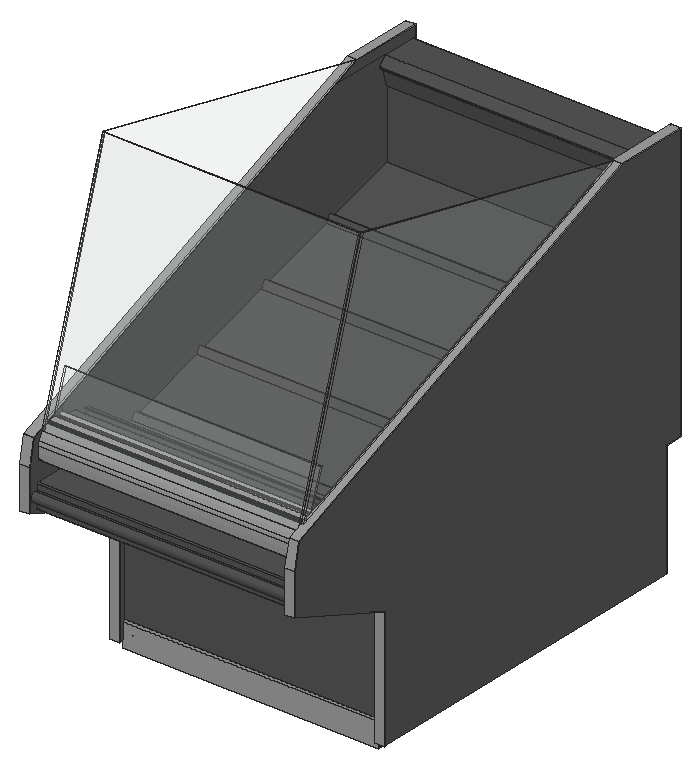
Revit family "DSF-AG_2014", category Specialty Equipment, Revit 2014
Parameters (values of type "2'-0" Length")
  Width = 30"
  Waste Drain = 1 1/2"  # constant formula
  URL = "www.hussmann.com"
  Type Comments = "Service / Self Service Seafood"  # constant formula
  Trim = Stainless Steel
  Total Weight = Case Weight + (2 * End Weight)  # 0.00 lbf
  Splashguard = Stainless Steel
  Side Panel - Right [instance] = yes
  Side Panel - Left [instance] = yes
  Shelves = Sheet Metal (Steel Painted) - 701 Black
  Right Drain Location from CL = if(Width = 30", 2", if(Width = 36", 0", 6 1/8"))  # 2"
  Revit Family Date = "08/17/2015"  # constant formula
  Refrigeration Lines Suction = 5/8"  # constant formula
  Refrigeration Lines Liquid = 3/8"  # constant formula
  Refrig. Suction = "Suction"
  Refrig. Liquid = "Liquid"
  Number of Supports = 2  # constant formula
  Note from Manufacturer = "This model only comes in 2'-0\", 3'-0\", 4'-0\", and 5'-0\" lengths."
  Model URL = "http://www.hussmann.com/en/product%20viewer/display-cases/DSF,%20DSFI"
  Model = "DSF"  # constant formula
  Manufacturer Disclaimer = "The information in this file is not intended to be an exact representation of the corresponding Hussmann product.  Further, we reserve the right to change or revise specifications and product design in connection with any feature of our products. Such changes do not entitle the buyer to corresponding changes, improvements, additions, or replacements for equipment previously sold or shipped."  # constant formula
  Manufacturer = "Hussmann Corporation"  # constant formula
  Light [instance] = no
  Height = 45 5/8"  # constant formula
  Glazing = Glass
  Ends = Textured Sheet Metal (Steel Painted) - 701 Black
  End Weight = 0.00 lbf  # constant formula
  Door Frame = Stainless Steel
  Description = "Medium Depth Service Merchandiser for Fresh Seafood Applications"  # constant formula
  Depth = 55 7/8"  # constant formula
  Cutsheet URL = "http://www.hussmann.com/en/Technical%20Documents/DSF_102013_En.pdf"
  Close Off Panel = Textured Sheet Metal (Steel Painted) - 701 Black
  Case Weight = 0.00 lbf
  Case Interior - Side Panel = Sheet Metal (Steel Painted) - 701 Black
  Case Interior - Back Panel = Sheet Metal (Steel Painted) - 701 Black
  Case = Textured Sheet Metal (Steel Painted) - 701 Black
  Bumper = Extruded PVC - 701 Black
  Assembly Code = ""
  Accessories/Options = ""
Types (4): name | Width | Right Drain Location from CL | Refrig. Suction | Refrig. Liquid
  3'-0" Length | 36" | 0" | "" | ""
  5'-0" Length | 60" | 6 1/8" | "Suction" | "Liquid"
  4'-0" Length | 48" | 6 1/8" | "Suction" | "Liquid"
  2'-0" Length | 30" | 2" | "Suction" | "Liquid"
Reference planes (in)
  plane 1 "Back": y = 0
  plane 2 "Bottom": z = 0
  plane 3 "Top": z = 45.625
  plane 4 "Left": x = -77.30699
  plane 5 "Front": y = -55.875
  plane 6 "Center (Left/Right)": x = -62.30699
  plane 7: x = -78.43199
  plane 8 "Right": x = -47.30699
  plane 9: x = -46.18199
  plane 10: y = -41.23412
Forms (in)
  Extrusion 1, solid, material "Metal - Copper"
    sketch origin (63.3125, 1.04319, 0) x (1, 0, 0) y (0, 1, 0)
      loop
        circle (-123.61949, -25.79319) r 0.625
      loop
        arc (-123.61949, -26.37839) -> (-123.20569, -26.20699) -> (-123.03429, -25.79319) r 0.5852
        arc (-123.03429, -25.79319) -> (-123.20569, -25.37939) -> (-123.61949, -25.20799) r 0.5852
        arc (-123.61949, -25.20799) -> (-124.03329, -25.37939) -> (-124.20469, -25.79319) r 0.5852
        arc (-124.20469, -25.79319) -> (-124.03329, -26.20699) -> (-123.61949, -26.37839) r 0.5852
    from 14.6845 to 0
  Extrusion 2, solid, material "Metal - Copper"
    sketch origin (-63.6875, 1.04319, 0) x (1, 0, 0) y (0, 1, 0)
      loop
        circle (-8.49449, -25.79319) r 0.625
      loop
        arc (-8.49449, -26.37839) -> (-8.08069, -26.20699) -> (-7.90929, -25.79319) r 0.5852
        arc (-7.90929, -25.79319) -> (-8.08069, -25.37939) -> (-8.49449, -25.20799) r 0.5852
        arc (-8.49449, -25.20799) -> (-8.90829, -25.37939) -> (-9.07969, -25.79319) r 0.5852
        arc (-9.07969, -25.79319) -> (-8.90829, -26.20699) -> (-8.49449, -26.37839) r 0.5852
    from 14.6845 to 0
  Extrusion 3, solid, material "Textured Sheet Metal (Steel Painted) - 701 Black" <- "Case"
    sketch origin (-62.30699, 0, 0) x (0, 1, 0) y (0, 0, 1)
      loop
        arc (-4.83381, 44.65319) -> (-4.84545, 44.62735) -> (-4.83705, 44.60028) r 0.04
        line (-4.83705, 44.60028) -> (-4.63528, 44.34203) -> (-4.40137, 44.43177) -> (-3.8611, 42.41551) -> (-3.71075, 42.45579) -> (-3.71075, 31.84576) -> (-1.664, 31.84576) -> (-1.664, 17.65463) -> (-23.01848, 17.22162) -> (-23.01848, 16.77724) -> (-26.95598, 16.77724) -> (-26.95598, 17.23414) -> (-41.48302, 17.74647) -> (-49.4473, 21.1271)
        arc (-49.4473, 21.1271) -> (-49.46059, 21.13816) -> (-49.46558, 21.15472) r 0.03
        line (-49.46558, 21.15472) -> (-49.46558, 27.03985) -> (-49.40419, 27.03375) -> (-49.38226, 27.28432) -> (-49.38226, 28.14614)
        arc (-49.38226, 28.14614) -> (-49.3971, 28.18748) -> (-49.43484, 28.20995) r 0.065
        line (-49.43484, 28.20995) -> (-51.24815, 28.56307) -> (-51.24815, 24.17402) -> (-51.31227, 24.17402) -> (-51.31227, 23) -> (-54.8155, 23)
        arc (-54.8155, 23) -> (-54.93783, 22.94933) -> (-54.9885, 22.827) r 0.173
        line (-54.9885, 22.827) -> (-54.9885, 20.2589)
        arc (-54.9885, 20.2589) -> (-54.98127, 20.23596) -> (-54.96218, 20.22131) r 0.04
        line (-54.96218, 20.22131) -> (-52.47331, 19.31544) -> (-52.41455, 19.47688) -> (-41.12442, 14.6845) -> (-1.535, 14.6845) -> (-1.535, 16.1845) -> (-0.035, 16.1845) -> (-0.035, 14.5595) -> (-0.535, 14.5595) -> (-0.535, 14.5245) -> (-0.035, 14.5245)
        arc (-0.035, 14.5245) -> (-0.01025, 14.53475) -> (0, 14.5595) r 0.035
        line (0, 14.5595) -> (0, 41.5577) -> (0.12, 41.5577) -> (0.12, 45.51063)
        arc (0.12, 45.51063) -> (0.10828, 45.53891) -> (0.08, 45.55063) r 0.04
        line (0.08, 45.55063) -> (-3.93623, 45.55063) -> (-4.83381, 44.65319)
    from 15 to -15
  Extrusion 4, solid, material "Sheet Metal (Steel Painted) - 701 Black" <- "Shelves"
    sketch origin (-62.30699, 0, 0) x (0, 1, 0) y (0, 0, 1)
      loop
        line (-3.71075, 34.24593) -> (-11.37735, 32.04757) -> (-12.17325, 32.48875) -> (-12.61443, 31.69284) -> (-20.90531, 29.31547) -> (-21.70122, 29.75665) -> (-22.14239, 28.96074) -> (-30.43328, 26.58337) -> (-31.22918, 27.02455) -> (-31.67036, 26.22864) -> (-39.96124, 23.85127) -> (-40.75714, 24.29245) -> (-41.19832, 23.49654) -> (-43.99815, 22.6937) -> (-46.94421, 24.39461)
        arc (-46.94421, 24.39461) -> (-46.9635, 24.40261) -> (-46.98421, 24.40533) r 0.08
        line (-46.98421, 24.40533) -> (-47.72215, 24.40533) -> (-47.72215, 27.8125) -> (-48.07156, 27.89699) -> (-48.08284, 27.85034) -> (-47.77015, 27.77472) -> (-47.77015, 24.34277) -> (-49.46558, 24.34277) -> (-49.46558, 24.15527) -> (-46.90465, 24.15527) -> (-44.02297, 22.49153) -> (-3.71075, 34.05087) -> (-3.71075, 34.24593)
    from 15 to -15
  Extrusion 5, solid, material "Stainless Steel" <- "Door Frame"
    sketch origin (-62.30699, 0, 0) x (0, 1, 0) y (0, 0, 1)
      loop
        arc (-54.27971, 28.0768) -> (-54.54483, 27.67871) -> (-54.74164, 27.24278) r 2.92923
        arc (-54.74164, 27.24278) -> (-54.80893, 26.99713) -> (-54.83876, 26.74418) r 1.7
        arc (-54.83876, 26.74418) -> (-54.83124, 26.00798) -> (-54.74644, 25.27664) r 7
        arc (-54.74644, 25.27664) -> (-54.73588, 25.25814) -> (-54.71588, 25.25082) r 0.031
        line (-54.71588, 25.25082) -> (-51.24815, 25.25082) -> (-51.24815, 28.3709) -> (-51.30565, 28.3709) -> (-51.30565, 28.8335) -> (-51.34502, 28.8335)
        arc (-51.34502, 28.8335) -> (-51.33489, 28.8539) -> (-51.34142, 28.87573) r 0.03104
        arc (-51.34142, 28.87573) -> (-51.67966, 28.9398) -> (-52.01791, 28.87573) r 0.92486
        arc (-52.01791, 28.87573) -> (-52.02444, 28.8539) -> (-52.01431, 28.8335) r 0.03104
        line (-52.01431, 28.8335) -> (-52.09459, 28.8335) -> (-52.13242, 28.72362) -> (-52.13242, 28.14452)
        arc (-52.13242, 28.14452) -> (-52.13819, 28.1306) -> (-52.15211, 28.12484) r 0.01969
        line (-52.15211, 28.12484) -> (-52.61155, 28.12484)
        arc (-52.61155, 28.12484) -> (-52.67229, 28.16542) -> (-52.65804, 28.23707) r 0.06575
        arc (-52.65804, 28.23707) -> (-52.58365, 28.44728) -> (-52.70028, 28.63733) r 0.25886
        arc (-52.70028, 28.63733) -> (-52.71809, 28.66695) -> (-52.70566, 28.69921) r 0.03937
        arc (-52.70566, 28.69921) -> (-52.62057, 28.74055) -> (-52.52704, 28.75476) r 0.31496
        line (-52.52704, 28.75476) -> (-52.47346, 28.75476)
        arc (-52.47346, 28.75476) -> (-52.45828, 28.75962) -> (-52.44874, 28.7724) r 0.02615
        line (-52.44874, 28.7724) -> (-52.436, 28.80939)
        arc (-52.436, 28.80939) -> (-52.43839, 28.82587) -> (-52.4532, 28.8335) r 0.01819
        line (-52.4532, 28.8335) -> (-53.30118, 28.8335)
        arc (-53.30118, 28.8335) -> (-53.32001, 28.82975) -> (-53.33597, 28.81908) r 0.04921
        line (-53.33597, 28.81908) -> (-53.39753, 28.75752)
        arc (-53.39753, 28.75752) -> (-53.4082, 28.74156) -> (-53.41195, 28.72273) r 0.04921
        line (-53.41195, 28.72273) -> (-53.41195, 28.68586) -> (-53.53006, 28.68586)
        arc (-53.53006, 28.68586) -> (-53.61116, 28.67192) -> (-53.68295, 28.6317) r 0.24288
        line (-53.68295, 28.6317) -> (-54.26327, 26.84564) -> (-54.56282, 26.94297) -> (-54.24042, 27.93081) -> (-54.20032, 28.05423)
        arc (-54.20032, 28.05423) -> (-54.20275, 28.07365) -> (-54.21923, 28.0842) r 0.02304
        line (-54.21923, 28.0842) -> (-54.25112, 28.0884)
        arc (-54.25112, 28.0884) -> (-54.26695, 28.08638) -> (-54.27971, 28.0768) r 0.03125
    from 15 to -15
  Extrusion 6, solid, material "Extruded PVC - 701 Black" <- "Bumper"
    sketch origin (-62.30699, 0, 0) x (0, 1, 0) y (0, 0, 1)
      loop
        arc (-55.3635, 22.25013) -> (-55.926, 21.68763) -> (-55.3635, 21.12513) r 0.5625
        line (-55.3635, 21.12513) -> (-54.9885, 21.12513) -> (-54.9885, 22.25013) -> (-55.3635, 22.25013)
    from 15 to -15
  Extrusion 7, solid, material "Textured Sheet Metal (Steel Painted) - 701 Black" <- "Close Off Panel"
    sketch origin (-62.30699, 0, -0.03125) x (0, 1, 0) y (0, 0, 1)
      loop
        line (-1.90759, 13.89928) -> (-1.92951, 14.14985) -> (-1.96438, 14.1468) -> (-1.94259, 13.89775) -> (-1.94259, 3.16349) -> (-1.90759, 3.16349) -> (-1.90759, 13.89928)
      loop
        line (-42.21942, 15.18055) -> (-42.21942, 0.86215) -> (-42.18442, 0.86215) -> (-42.18442, 15.16569) -> (-42.21942, 15.18055)
    from 15 to -15
  Extrusion 8, solid, material "Stainless Steel" <- "Splashguard"
    sketch origin (-62.30699, 0, -0.03125) x (0, 1, 0) y (0, 0, 1)
      loop
        line (-42.3003, 2.81625) -> (-42.3003, 0.03125) -> (-41.7653, 0.03125) -> (-41.7653, 0.06625) -> (-42.2653, 0.06625) -> (-42.2653, 2.81625) -> (-42.22346, 3.12587) -> (-42.25765, 3.13054) -> (-42.3003, 2.81625)
      loop
        line (-1.95357, 0.50112) -> (-1.6158, 0.09858) -> (-1.23395, 0.03125) -> (-1.22787, 0.06572) -> (-1.59718, 0.13084) -> (-1.91857, 0.51386) -> (-1.91857, 2.88864) -> (-1.94049, 3.14096) -> (-1.97536, 3.13791) -> (-1.95357, 2.88886) -> (-1.95357, 0.50112)
    from 15 to -15
  Extrusion 9, solid, material "Textured Sheet Metal (Steel Painted) - 701 Black" <- "Ends", visible <- "Side Panel - Right"
    sketch origin (-47.30699, 0, 0) x (0, 0, 1) y (0, -1, 0)
      loop
        line (14.37303, -0.54843) -> (46.74598, -0.54843) -> (46.74598, 7.99475) -> (27.85139, 55.41005)
        arc (27.85139, 55.41005) -> (26.43234, 55.74856) -> (25.00258, 56.03853) r 42.8148
        line (25.00258, 56.03853) -> (20.14202, 56.03853) -> (14.95336, 42.8003) -> (0.83628, 42.8003) -> (0.83628, 1.54444) -> (14.37303, 1.54444) -> (14.37303, -0.54843)
    from 1.125 to 0
  Extrusion 10, solid, material "Textured Sheet Metal (Steel Painted) - 701 Black" <- "Ends", visible <- "Side Panel - Left"
    sketch origin (-77.30699, 0, 0) x (0, 1, 0) y (0, 0, 1)
      loop
        line (0.54843, 46.74598) -> (-7.99475, 46.74598) -> (-55.41005, 27.85139)
        arc (-55.41005, 27.85139) -> (-55.74856, 26.43234) -> (-56.03853, 25.00258) r 42.8148
        line (-56.03853, 25.00258) -> (-56.03853, 20.14202) -> (-42.8003, 14.95336) -> (-42.8003, 0.83628) -> (-1.54444, 0.83628) -> (-1.54444, 14.37303) -> (0.54843, 14.37303) -> (0.54843, 46.74598)
    from 0 to -1.125
  Extrusion 11, solid, material "Glass" <- "Glazing"
    sketch origin (-62.30699, 0, -0.03125) x (0, 1, 0) y (0, 0, 1)
      loop
        line (-45.2329, 55.56114) -> (-54.50341, 27.02943) -> (-54.48319, 26.98974) -> (-54.30533, 26.93195) -> (-54.26565, 26.95218) -> (-44.99513, 55.48389) -> (-45.2329, 55.56114)
      loop
        line (-52.58841, 28.27709) -> (-52.564, 28.22704) -> (-52.4151, 28.17577) -> (-52.36506, 28.20018) -> (-50.59622, 33.33725) -> (-50.81957, 33.41415) -> (-52.58841, 28.27709)
    from 15 to -15
  Extrusion 12, solid, material "Glass" <- "Glazing", visible <- "Side Panel - Right"
    sketch origin (-47.30699, 0, -0.03125) x (0, 0, 1) y (0, -1, 0)
      loop
        line (55.48389, 44.85017) -> (28.61125, 53.58162) -> (46.77723, 7.99475) -> (55.48389, 44.85017)
    from 0.25 to 0
  Extrusion 13, solid, material "Glass" <- "Glazing", visible <- "Side Panel - Left"
    sketch origin (-77.30699, 0, 0) x (0, 1, 0) y (0, 0, 1)
      loop
        line (-7.99475, 46.74598) -> (-44.85017, 55.45264) -> (-53.58162, 28.58) -> (-7.99475, 46.74598)
    from 0 to -0.25
  Extrusion 14, solid, material "Textured Sheet Metal (Steel Painted) - 701 Black" <- "Case", visible <- "Light"
    sketch origin (-62.30699, 0, 0) x (0, 1, 0) y (0, 0, 1)
      loop
        line (-50.7523, 18.07011) -> (-50.8003, 18.08892) -> (-50.8003, 15.1493) -> (-50.42133, 15.1493) -> (-50.42133, 15.31702) -> (-50.46821, 15.31702) -> (-50.46821, 15.19617) -> (-50.7523, 15.19617) -> (-50.7523, 18.07011)
    from 15 to -15
  Sweep 15, solid, material "Stainless Steel"
    path origin (0, 0, 0) x (1, 0, 0) y (0, 1, 0)
      loop
        line (-47.30699, -41.23412) -> (-77.30699, -41.23412)
    profile origin (-62.30699, -41.23412, 0) x (0, -1, 0) y (0, 0, 1)
      loop
        line (-0.891, 0.766) -> (-0.0785, 0.766)
        arc (-0.0785, 0.766) -> (-0.02299, 0.78899) -> (0, 0.8445) r 0.0785
        line (0, 0.8445) -> (0, 1.657) -> (-0.0785, 1.657) -> (-0.0785, 0.8445) -> (-0.891, 0.8445)
        arc (-0.891, 0.8445) -> (-0.94651, 0.82151) -> (-0.9695, 0.766) r 0.0785
        line (-0.9695, 0.766) -> (-0.9695, 0.0785) -> (-2.657, 0.0785) -> (-2.657, 0.766)
        arc (-2.657, 0.766) -> (-2.67999, 0.82151) -> (-2.7355, 0.8445) r 0.0785
        line (-2.7355, 0.8445) -> (-3.4855, 0.8445) -> (-3.4855, 0.766) -> (-2.7355, 0.766) -> (-2.7355, 0.0785)
        arc (-2.7355, 0.0785) -> (-2.71251, 0.02299) -> (-2.657, 0) r 0.0785
        line (-2.657, 0) -> (-0.9695, 0)
        arc (-0.9695, 0) -> (-0.91399, 0.02299) -> (-0.891, 0.0785) r 0.0785
        line (-0.891, 0.0785) -> (-0.891, 0.766)
  Sweep 16, solid, material "Stainless Steel"
    path origin (-124.61397, 0, 0) x (-1, 0, 0) y (0, 1, 0)
      loop
        line (-77.30699, -1.95376) -> (-47.30699, -1.95376)
    profile origin (-62.30699, -1.95376, 0) x (0, -1, 0) y (0, 0, 1)
      loop
        line (0.891, 0.766) -> (0.891, 0.0785)
        arc (0.891, 0.0785) -> (0.91399, 0.02299) -> (0.9695, 0) r 0.0785
        line (0.9695, 0) -> (2.657, 0)
        arc (2.657, 0) -> (2.71251, 0.02299) -> (2.7355, 0.0785) r 0.0785
        line (2.7355, 0.0785) -> (2.7355, 0.766) -> (3.4855, 0.766) -> (3.4855, 0.8445) -> (2.7355, 0.8445)
        arc (2.7355, 0.8445) -> (2.67999, 0.82151) -> (2.657, 0.766) r 0.0785
        line (2.657, 0.766) -> (2.657, 0.0785) -> (0.9695, 0.0785) -> (0.9695, 0.766)
        arc (0.9695, 0.766) -> (0.94651, 0.82151) -> (0.891, 0.8445) r 0.0785
        line (0.891, 0.8445) -> (0.0785, 0.8445) -> (0.0785, 1.657) -> (0, 1.657) -> (0, 0.8445)
        arc (0, 0.8445) -> (0.02299, 0.78899) -> (0.0785, 0.766) r 0.0785
        line (0.0785, 0.766) -> (0.891, 0.766)
  Extrusion 17, solid, material "Metal - Copper"
    sketch origin (61.07608, 5, -0.375) x (1, 0, 0) y (0, 1, 0)
      loop
        circle (-114.82057, -25.25) r 0.1875
      loop
        circle (-114.82057, -25.25) r 0.17284
    from 15.0595 to 0.375
  Extrusion 18, solid, material "Metal - Copper"
    sketch origin (60.87749, 5, -0.375) x (1, 0, 0) y (0, 1, 0)
      loop
        circle (-116.24698, -25.25) r 0.4375
      loop
        circle (-116.24698, -25.25) r 0.41359
    from 15.0595 to 0.375
  Sweep 19, solid, material "Stainless Steel" <- "Trim", visible <- "Side Panel - Left"
    path origin (-77.30699, 0, 0) x (0, 1, 0) y (0, 0, 1)
      loop
        line (-1.54444, 0.83628) -> (-1.54444, 14.37303) -> (0.54843, 14.37303) -> (0.54843, 46.74598) -> (-7.99475, 46.74598) -> (-55.41005, 27.85139)
        arc (-55.41005, 27.85139) -> (-55.74856, 26.43234) -> (-56.03853, 25.00258) r 42.8148
        line (-56.03853, 25.00258) -> (-56.03853, 20.14202) -> (-42.8003, 14.95336) -> (-42.8003, 0.83628)
    profile origin (-77.30699, -1.54444, 7.60466) x (0, -1, 0) y (1, 0, 0)
      loop
        line (0, 0) -> (-0.03125, 0) -> (-0.03125, -1.125) -> (0, -1.125) -> (0, 0)
  Sweep 20, solid, material "Stainless Steel" <- "Trim", visible <- "Side Panel - Right"
    path origin (-47.30699, 0, 0) x (0, 0, 1) y (0, -1, 0)
      loop
        line (0.83628, 1.54444) -> (14.37303, 1.54444) -> (14.37303, -0.54843) -> (46.74598, -0.54843) -> (46.74598, 7.99475) -> (27.85139, 55.41005)
        arc (27.85139, 55.41005) -> (26.43234, 55.74856) -> (25.00258, 56.03853) r 42.8148
        line (25.00258, 56.03853) -> (20.14202, 56.03853) -> (14.95336, 42.8003) -> (0.83628, 42.8003)
    profile origin (-47.30699, -1.54444, 7.60466) x (0, -1, 0) y (1, 0, 0)
      loop
        line (0, 0) -> (0, 1.125) -> (-0.03125, 1.125) -> (-0.03125, 0) -> (0, 0)
  Extrusion 21, solid, material "Sheet Metal (Steel Painted) - 701 Black" <- "Case Interior - Side Panel", visible <- "Side Panel - Left"
    sketch origin (-77.30699, 0, 0) x (0, 1, 0) y (0, 0, 1)
      loop
        line (-44.02297, 22.49153) -> (-3.71075, 34.05087) -> (-3.71075, 42.45579) -> (-3.8611, 42.41551) -> (-4.40137, 44.43177) -> (-4.63528, 44.34203) -> (-4.83705, 44.60028)
        arc (-4.83705, 44.60028) -> (-4.84545, 44.62735) -> (-4.83381, 44.65319) r 0.04
        line (-4.83381, 44.65319) -> (-3.93623, 45.55063) -> (-10.99445, 45.55063) -> (-51.24815, 29.50987) -> (-51.24815, 24.15527) -> (-46.90465, 24.15527) -> (-44.02297, 22.49153)
    from 0.03125 to 0
  Extrusion 22, solid, material "Sheet Metal (Steel Painted) - 701 Black" <- "Case Interior - Side Panel", visible <- "Side Panel - Right"
    sketch origin (-47.30699, 0, 0) x (0, 0, 1) y (0, -1, 0)
      loop
        line (22.49153, 44.02297) -> (34.05087, 3.71075) -> (42.45579, 3.71075) -> (42.41551, 3.8611) -> (44.43177, 4.40137) -> (44.34203, 4.63528) -> (44.60028, 4.83705)
        arc (44.60028, 4.83705) -> (44.62735, 4.84545) -> (44.65319, 4.83381) r 0.04
        line (44.65319, 4.83381) -> (45.55063, 3.93623) -> (45.55063, 10.99445) -> (29.50987, 51.24815) -> (24.15527, 51.24815) -> (24.15527, 46.90465) -> (22.49153, 44.02297)
    from 0 to -0.03125
  Extrusion 23, solid, material "Sheet Metal (Steel Painted) - 701 Black" <- "Case Interior - Back Panel"
    sketch origin (-62.30699, 0, 0) x (0, 1, 0) y (0, 0, 1)
      loop
        line (-3.71075, 34.24593) -> (-3.71075, 42.45579) -> (-3.8611, 42.41551) -> (-4.40137, 44.43177) -> (-4.43155, 44.42368) -> (-3.88319, 42.37724) -> (-3.742, 42.41507) -> (-3.742, 34.23697) -> (-3.71075, 34.24593)
    from 15 to -15
Lines and regions (in)
  reference lines
    curve 1: line (-72.18199, -55.875, 0) -> (-72.18199, 0, 0)
    curve 2: line (-60.30699, -55.875, 0) -> (-60.30699, 0, 0)
    curve 3: line (-54.43199, -55.875, 0) -> (-54.43199, 0, 0)
    curve 4: line (-77.30699, -24.75, 0) -> (-47.30699, -24.75, 0)
    curve 5: line (-47.30699, -20.25, 0) -> (-77.30699, -20.25, 0)
Dimensions and locks (in)
  equal spacing: plane 4 "Left", plane 6 "Center (Left/Right)", plane 8 "Right"
  locked: plane 7 to plane 4 "Left" at 1.125
  "Width": plane 4 "Left" to plane 8 "Right"
  locked: plane 4 "Left" to curve 1 at 5.125
  "Right Drain Location from CL": plane 6 "Center (Left/Right)" to curve 2
  "Depth": plane 5 "Front" to plane 1 "Back"
  locked: curve 3 to plane 8 "Right" at 7.125
  "Height": plane 3 "Top" to level
  locked: curve 4 to plane 5 "Front" at 31.125
  locked: curve 5 to plane 5 "Front" at 35.625
  locked: plane 8 "Right" to plane 9 at 1.125
  equal spacing: Extrusion 10, Extrusion 14 sketch curve, plane 5 "Front"
  locked: Extrusion 18 sketch curve to curve 3 at 0.52391
  locked: curve 3 to Extrusion 17 sketch curve at 0.51466
  nested 1 to plane 5 "Front" = 9"
  nested 1 to level = 17"
  radius of Extrusion 1 sketch curve = 0.5852"
  aligned and locked: plane 5 "Front" to curve 2
  aligned and locked: plane 5 "Front" to curve 1
  aligned and locked: plane 4 "Left" to curve 4
  aligned and locked: plane 4 "Left" to curve 5
  aligned and locked: plane 8 "Right" to curve 5
  aligned and locked: plane 8 "Right" to curve 4
  aligned and locked: curve 4 to Extrusion 1 sketch curve  (x2)
  aligned and locked: curve 4 to Extrusion 2 sketch curve  (x2)
  aligned and locked: curve 1 to Extrusion 2 sketch curve  (x2)
  aligned and locked: curve 2 to Extrusion 1 sketch curve  (x2)
  aligned and locked: Extrusion 2 to level
  aligned and locked: Extrusion 1 to level
  aligned and locked: Extrusion 3 to plane 4 "Left"
  aligned and locked: plane 8 "Right" to Extrusion 3
  aligned and locked: Extrusion 4 to plane 4 "Left"
  aligned and locked: plane 8 "Right" to Extrusion 4
  aligned and locked: Extrusion 5 to plane 4 "Left"
  aligned and locked: plane 8 "Right" to Extrusion 5
  aligned and locked: Extrusion 6 to plane 4 "Left"
  aligned and locked: plane 8 "Right" to Extrusion 6
  aligned and locked: Extrusion 1 to Extrusion 2
  aligned and locked: Extrusion 7 to plane 4 "Left"
  aligned and locked: plane 8 "Right" to Extrusion 7
  aligned and locked: Extrusion 8 to plane 4 "Left"
  aligned and locked: plane 8 "Right" to Extrusion 8
  aligned and locked: plane 9 to Extrusion 9
  aligned and locked: Extrusion 9 to plane 8 "Right"
  aligned and locked: plane 7 to Extrusion 10
  aligned and locked: plane 4 "Left" to Extrusion 10
  aligned and locked: Extrusion 11 to plane 4 "Left"
  aligned and locked: plane 8 "Right" to Extrusion 11
  aligned and locked: Extrusion 12 to plane 8 "Right"
  aligned and locked: Extrusion 14 to plane 4 "Left"
  aligned and locked: plane 8 "Right" to Extrusion 14
  aligned and locked: plane 4 "Left" to nested 1
  aligned and locked: Sweep 19 sketch curve to plane 7
  aligned and locked: Sweep 19 sketch curve to plane 4 "Left"
  aligned and locked: profile plane to Sweep 20 sketch curve
  aligned and locked: Sweep 20 sketch curve to plane 9
  aligned and locked: Extrusion 21 to plane 4 "Left"
  aligned and locked: Extrusion 23 to plane 4 "Left"
  aligned and locked: plane 8 "Right" to Extrusion 23
  aligned and locked: Sweep 15 sketch curve to plane 10
  aligned and locked: plane 4 "Left" to Sweep 16 sketch curve
  aligned and locked: plane 8 "Right" to Sweep 16 sketch curve
  aligned and locked: plane 8 "Right" to Sweep 15 sketch curve
Automatic sketch dimensions
  Extrusion 1 sketch curve to Extrusion 1 sketch curve = 0"  (x2)
  Extrusion 2 sketch curve to Extrusion 2 sketch curve = 0"  (x2)
  Extrusion 2 sketch curve to Extrusion 2 sketch curve = 0.5852"
  Extrusion 3 sketch curve to plane 1 "Back" = 0"
  plane 1 "Back" to Extrusion 3 sketch curve = 0.035"
  Extrusion 3 sketch curve to Extrusion 3 sketch curve = 0"  (x2)
  Extrusion 3 sketch curve to Extrusion 3 sketch curve = 1/2"
  Extrusion 3 sketch curve to Extrusion 3 sketch curve = 1 1/2"  (x2)
  plane 1 "Back" to Extrusion 3 sketch curve = 1.664"
  Extrusion 3 sketch curve to Extrusion 3 sketch curve = 2.04675"
  Extrusion 3 sketch curve to Extrusion 3 sketch curve = 0.15035"
  plane 3 "Top" to Extrusion 3 sketch curve = 0.07437"
  Extrusion 3 sketch curve to Extrusion 3 sketch curve = 0.22548"
  plane 3 "Top" to Extrusion 3 sketch curve = 1.19323"
  Extrusion 3 sketch curve to Extrusion 3 sketch curve = 0.46514"
  plane 3 "Top" to Extrusion 3 sketch curve = 1.28297"
  Extrusion 3 sketch curve to Extrusion 3 sketch curve = 0.23391"
  Extrusion 3 sketch curve to Extrusion 3 sketch curve = 0.17024"
  plane 3 "Top" to Extrusion 3 sketch curve = 0.97181"
  Extrusion 3 sketch curve to Extrusion 3 sketch curve = 0.02828"
  plane 3 "Top" to Extrusion 3 sketch curve = 1.02472"
  Extrusion 3 sketch curve to Extrusion 3 sketch curve = 0.03152"
  Extrusion 3 sketch curve to plane 10 = 18.21564"
  Extrusion 3 sketch curve to Extrusion 3 sketch curve = 3 15/16"
  Extrusion 3 sketch curve to plane 10 = 0.1097"
  plane 10 to Extrusion 3 sketch curve = 0.24889"
  plane 5 "Front" to Extrusion 3 sketch curve = 6.49274"
  Extrusion 3 sketch curve to Extrusion 3 sketch curve = 0.02192"
  Extrusion 3 sketch curve to Extrusion 3 sketch curve = 0.05258"
  Extrusion 3 sketch curve to Extrusion 3 sketch curve = 0.03139"
  Extrusion 3 sketch curve to Extrusion 3 sketch curve = 0.065"
  Extrusion 3 sketch curve to Extrusion 3 sketch curve = 3/256"
  Extrusion 3 sketch curve to Extrusion 3 sketch curve = 0.03"
  Extrusion 3 sketch curve to Extrusion 3 sketch curve = 1.81331"
  Extrusion 3 sketch curve to Extrusion 3 sketch curve = 0.06412"
  Extrusion 3 sketch curve to Extrusion 3 sketch curve = 2.94897"
  Extrusion 3 sketch curve to Extrusion 3 sketch curve = 0.05876"
  plane 5 "Front" to Extrusion 3 sketch curve = 1.0595"
  plane 5 "Front" to Extrusion 3 sketch curve = 0.9265"
  Extrusion 3 sketch curve to Extrusion 3 sketch curve = 0.01368"
  Extrusion 3 sketch curve to Extrusion 3 sketch curve = 0.173"
  Extrusion 3 sketch curve to plane 1 "Back" = 0.08"
  Extrusion 3 sketch curve to plane 1 "Back" = 0.12"
  Extrusion 3 sketch curve to Extrusion 3 sketch curve = 1.97597"
  Extrusion 3 sketch curve to Extrusion 3 sketch curve = 0.04029"
  Extrusion 3 sketch curve to Extrusion 3 sketch curve = 0.89809"
  Extrusion 3 sketch curve to Extrusion 3 sketch curve = 9.71194"
  plane 3 "Top" to Extrusion 3 sketch curve = 17.06193"
  Extrusion 3 sketch curve to Extrusion 3 sketch curve = 0.35312"
  Extrusion 3 sketch curve to Extrusion 3 sketch curve = 0.86182"
  Extrusion 3 sketch curve to Extrusion 3 sketch curve = 0.24448"
  Extrusion 3 sketch curve to Extrusion 3 sketch curve = 0.00609"
  Extrusion 3 sketch curve to Extrusion 3 sketch curve = 2.86582"
  Extrusion 3 sketch curve to Extrusion 3 sketch curve = 1.17402"
  Extrusion 3 sketch curve to Extrusion 3 sketch curve = 1.84528"
  Extrusion 3 sketch curve to Extrusion 3 sketch curve = 2.5681"
  Extrusion 3 sketch curve to Extrusion 3 sketch curve = 0.78202"
  Extrusion 3 sketch curve to Extrusion 3 sketch curve = 3.38064"
  Extrusion 3 sketch curve to Extrusion 3 sketch curve = 14.19113"
  Extrusion 3 sketch curve to Extrusion 3 sketch curve = 0.51233"
  Extrusion 3 sketch curve to Extrusion 3 sketch curve = 0.01252"
  Extrusion 3 sketch curve to Extrusion 3 sketch curve = 0.44438"
  Extrusion 3 sketch curve to Extrusion 3 sketch curve = 1.47013"
  Extrusion 3 sketch curve to Extrusion 3 sketch curve = 1/8"
  plane 5 "Front" to Extrusion 4 sketch curve = 6.40942"
  Extrusion 4 sketch curve to Extrusion 4 sketch curve = 1.38273"
  Extrusion 4 sketch curve to Extrusion 4 sketch curve = 0.01128"
  Extrusion 4 sketch curve to Extrusion 4 sketch curve = 0.31269"
  Extrusion 4 sketch curve to Extrusion 4 sketch curve = 0.048"
  Extrusion 4 sketch curve to Extrusion 4 sketch curve = 0.73794"
  Extrusion 4 sketch curve to Extrusion 4 sketch curve = 0.04"
  Extrusion 4 sketch curve to Extrusion 4 sketch curve = 0.07956"
  plane 10 to Extrusion 4 sketch curve = 2.78885"
  Extrusion 4 sketch curve to Extrusion 4 sketch curve = 0.02482"
  Extrusion 4 sketch curve to plane 10 = 0.0358"
  Extrusion 4 sketch curve to plane 10 = 0.47698"
  Extrusion 4 sketch curve to Extrusion 4 sketch curve = 0.7959"  (x4)
  Extrusion 4 sketch curve to Extrusion 4 sketch curve = 8.29088"  (x3)
  Extrusion 4 sketch curve to Extrusion 4 sketch curve = 0.44118"  (x3)
  plane 1 "Back" to Extrusion 4 sketch curve = 3.71075"
  level to Extrusion 4 sketch curve = 22.49153"
  Extrusion 4 sketch curve to Extrusion 4 sketch curve = 0.20217"
  Extrusion 4 sketch curve to Extrusion 4 sketch curve = 0.80284"
  Extrusion 4 sketch curve to Extrusion 4 sketch curve = 0.35473"  (x4)
  Extrusion 4 sketch curve to Extrusion 4 sketch curve = 1.46156"
  Extrusion 4 sketch curve to Extrusion 4 sketch curve = 0.17006"
  Extrusion 4 sketch curve to Extrusion 4 sketch curve = 3/16"
  Extrusion 4 sketch curve to Extrusion 4 sketch curve = 0.06928"
  Extrusion 4 sketch curve to Extrusion 4 sketch curve = 2.37737"  (x3)
  Extrusion 4 sketch curve to Extrusion 4 sketch curve = 3.36939"
  Extrusion 4 sketch curve to Extrusion 4 sketch curve = 0.03778"
  Extrusion 4 sketch curve to Extrusion 4 sketch curve = 2.00331"
  Extrusion 4 sketch curve to Extrusion 4 sketch curve = 0.19506"
  plane 5 "Front" to Extrusion 5 sketch curve = 1.15912"
  plane 5 "Front" to Extrusion 5 sketch curve = 1.31218"
  Extrusion 5 sketch curve to Extrusion 5 sketch curve = 0.29955"
  Extrusion 5 sketch curve to Extrusion 5 sketch curve = 0.30762"
  Extrusion 5 sketch curve to Extrusion 5 sketch curve = 0.00408"
  Extrusion 5 sketch curve to Extrusion 5 sketch curve = 0.01478"
  Extrusion 5 sketch curve to Extrusion 5 sketch curve = 0.03296"
  Extrusion 5 sketch curve to Extrusion 5 sketch curve = 0.00301"
  Extrusion 5 sketch curve to Extrusion 5 sketch curve = 0.02192"
  Extrusion 5 sketch curve to Extrusion 5 sketch curve = 0.53629"
  Extrusion 5 sketch curve to Extrusion 5 sketch curve = 0.15289"
  Extrusion 5 sketch curve to Extrusion 5 sketch curve = 0.11811"
  Extrusion 5 sketch curve to Extrusion 5 sketch curve = 0.01441"
  Extrusion 5 sketch curve to Extrusion 5 sketch curve = 0.0348"  (x4)
  Extrusion 5 sketch curve to Extrusion 5 sketch curve = 0.06156"  (x2)
  Extrusion 5 sketch curve to Extrusion 5 sketch curve = 1.12299"
  Extrusion 5 sketch curve to Extrusion 5 sketch curve = 0.46009"
  Extrusion 5 sketch curve to Extrusion 5 sketch curve = 0.16221"
  Extrusion 5 sketch curve to Extrusion 5 sketch curve = 0.22953"  (x2)
  Extrusion 5 sketch curve to Extrusion 5 sketch curve = 0.15183"
  Extrusion 5 sketch curve to Extrusion 5 sketch curve = 0.05358"
  Extrusion 5 sketch curve to Extrusion 5 sketch curve = 0.02027"
  Extrusion 5 sketch curve to Extrusion 5 sketch curve = 0"  (x5)
  Extrusion 5 sketch curve to Extrusion 5 sketch curve = 0.02473"
  Extrusion 5 sketch curve to Extrusion 5 sketch curve = 0.0172"
  Extrusion 5 sketch curve to Extrusion 5 sketch curve = 0.45945"
  Extrusion 5 sketch curve to Extrusion 5 sketch curve = 0.30358"
  Extrusion 5 sketch curve to Extrusion 5 sketch curve = 0.03783"
  Extrusion 5 sketch curve to Extrusion 5 sketch curve = 0.08028"
  Extrusion 5 sketch curve to Extrusion 5 sketch curve = 0.0208"  (x2)
  Extrusion 5 sketch curve to Extrusion 5 sketch curve = 1.1579"
  Extrusion 5 sketch curve to Extrusion 5 sketch curve = 0.45276"
  Extrusion 5 sketch curve to Extrusion 5 sketch curve = 0.62769"
  Extrusion 5 sketch curve to Extrusion 5 sketch curve = 0.03937"
  Extrusion 5 sketch curve to Extrusion 5 sketch curve = 0.0575"
  Extrusion 5 sketch curve to Extrusion 5 sketch curve = 3.4031"
  plane 3 "Top" to Extrusion 5 sketch curve = 20.37418"
  Extrusion 5 sketch curve to Extrusion 5 sketch curve = 0.031"
  Extrusion 5 sketch curve to Extrusion 5 sketch curve = 1.00866"
  Extrusion 5 sketch curve to Extrusion 5 sketch curve = 1.19661"
  Extrusion 5 sketch curve to Extrusion 5 sketch curve = 0.41263"
  Extrusion 5 sketch curve to Extrusion 5 sketch curve = 0.17353"
  Extrusion 5 sketch curve to Extrusion 5 sketch curve = 0.09733"
  Extrusion 5 sketch curve to Extrusion 5 sketch curve = 0.70089"
  Extrusion 5 sketch curve to Extrusion 5 sketch curve = 1.75546"
  Extrusion 5 sketch curve to Extrusion 5 sketch curve = 0.12342"
  Extrusion 5 sketch curve to Extrusion 5 sketch curve = 0.00318"
  Extrusion 5 sketch curve to Extrusion 5 sketch curve = 0.00712"
  Extrusion 5 sketch curve to Extrusion 5 sketch curve = 0.03098"
  Extrusion 5 sketch curve to Extrusion 5 sketch curve = 0.1099"
  Extrusion 5 sketch curve to Extrusion 5 sketch curve = 0.06575"
  Extrusion 5 sketch curve to Extrusion 5 sketch curve = 0.35596"
  Extrusion 5 sketch curve to Extrusion 5 sketch curve = 0.20273"
  Extrusion 5 sketch curve to Extrusion 5 sketch curve = 0.18873"
  Extrusion 5 sketch curve to Extrusion 5 sketch curve = 0.23057"
  Extrusion 5 sketch curve to Extrusion 5 sketch curve = 0.03687"
  Extrusion 5 sketch curve to Extrusion 5 sketch curve = 0.28382"
  Extrusion 5 sketch curve to Extrusion 5 sketch curve = 0.08439"
  Extrusion 5 sketch curve to Extrusion 5 sketch curve = 0.01764"
  Extrusion 5 sketch curve to Extrusion 5 sketch curve = 0.03699"
  Extrusion 5 sketch curve to Extrusion 5 sketch curve = 0.00592"
  Extrusion 5 sketch curve to Extrusion 5 sketch curve = 0.10988"
  Extrusion 5 sketch curve to Extrusion 5 sketch curve = 0.4626"
  Extrusion 5 sketch curve to Extrusion 5 sketch curve = 0.02304"  (x2)
  Extrusion 5 sketch curve to Extrusion 5 sketch curve = 0.17882"
  Extrusion 5 sketch curve to Extrusion 5 sketch curve = 0.0268"
  Extrusion 5 sketch curve to Extrusion 5 sketch curve = 0.0244"
  plane 5 "Front" to Extrusion 6 sketch curve = 0.5115"
  Extrusion 6 sketch curve to Extrusion 6 sketch curve = 3/8"
  level to Extrusion 6 sketch curve = 21.12513"
  Extrusion 6 sketch curve to Extrusion 6 sketch curve = 9/16"
  plane 10 to Extrusion 7 sketch curve = 0.98529"
  Extrusion 7 sketch curve to Extrusion 7 sketch curve = 0.035"  (x2)
  plane 1 "Back" to Extrusion 7 sketch curve = 1.96438"
  Extrusion 7 sketch curve to Extrusion 7 sketch curve = 0.02179"
  Extrusion 7 sketch curve to Extrusion 7 sketch curve = 0.03487"
  level to Extrusion 7 sketch curve = 0.8309"
  level to Extrusion 7 sketch curve = 3.13224"
  Extrusion 7 sketch curve to Extrusion 7 sketch curve = 10.73426"
  Extrusion 7 sketch curve to Extrusion 7 sketch curve = 0.00153"
  Extrusion 7 sketch curve to Extrusion 7 sketch curve = 14.30354"
  Extrusion 7 sketch curve to Extrusion 7 sketch curve = 0.01486"
  Extrusion 8 sketch curve to level = 0"  (x2)
  plane 10 to Extrusion 8 sketch curve = 1.06618"
  Extrusion 8 sketch curve to Extrusion 8 sketch curve = 0.035"  (x2)
  Extrusion 8 sketch curve to Extrusion 8 sketch curve = 0.00765"
  Extrusion 8 sketch curve to Extrusion 8 sketch curve = 0.03419"
  Extrusion 8 sketch curve to Extrusion 8 sketch curve = 1/2"
  plane 1 "Back" to Extrusion 8 sketch curve = 1.97536"
  Extrusion 8 sketch curve to Extrusion 8 sketch curve = 0.02179"
  Extrusion 8 sketch curve to Extrusion 8 sketch curve = 0.03487"
  level to Extrusion 8 sketch curve = 0.06733"
  Extrusion 8 sketch curve to Extrusion 8 sketch curve = 0.30277"
  level to Extrusion 8 sketch curve = 0.09959"
  Extrusion 8 sketch curve to Extrusion 8 sketch curve = 0.01862"
  Extrusion 8 sketch curve to Extrusion 8 sketch curve = 0.36323"
  level to Extrusion 8 sketch curve = 0.035"
  level to Extrusion 8 sketch curve = 0.46987"
  Extrusion 8 sketch curve to Extrusion 8 sketch curve = 0.01274"
  Extrusion 8 sketch curve to Extrusion 8 sketch curve = 2 3/4"
  Extrusion 8 sketch curve to Extrusion 8 sketch curve = 0"
  Extrusion 8 sketch curve to Extrusion 8 sketch curve = 2.37478"
  Extrusion 8 sketch curve to Extrusion 8 sketch curve = 0.00022"
  Extrusion 8 sketch curve to Extrusion 8 sketch curve = 0.30962"
  Extrusion 8 sketch curve to Extrusion 8 sketch curve = 0.00468"
  Extrusion 8 sketch curve to Extrusion 8 sketch curve = 0.24905"
  level to Extrusion 9 sketch curve = 0.83628"
  plane 1 "Back" to Extrusion 9 sketch curve = 1.54444"
  Extrusion 9 sketch curve to Extrusion 9 sketch curve = 13.53675"
  plane 10 to Extrusion 9 sketch curve = 1.56618"
  Extrusion 9 sketch curve to Extrusion 9 sketch curve = 14.11707"
  Extrusion 9 sketch curve to Extrusion 9 sketch curve = 2.83573"
  Extrusion 9 sketch curve to plane 5 "Front" = 0.16353"
  Extrusion 9 sketch curve to Extrusion 9 sketch curve = 5.18866"
  Extrusion 9 sketch curve to Extrusion 9 sketch curve = 4.86055"
  plane 5 "Front" to Extrusion 9 sketch curve = 0.46495"
  Extrusion 9 sketch curve to Extrusion 9 sketch curve = 2.84881"
  Extrusion 9 sketch curve to plane 1 "Back" = 0.54843"
  Extrusion 9 sketch curve to plane 3 "Top" = 1.12098"
  plane 1 "Back" to Extrusion 9 sketch curve = 7.99475"
  Extrusion 10 sketch curve to plane 5 "Front" = 0.16353"
  plane 5 "Front" to Extrusion 10 sketch curve = 0.46495"
  plane 10 to Extrusion 10 sketch curve = 1.56618"
  plane 1 "Back" to Extrusion 10 sketch curve = 13.93908"
  Extrusion 10 sketch curve to plane 3 "Top" = 1.12098"
  plane 1 "Back" to Extrusion 10 sketch curve = 7.99475"
  plane 1 "Back" to Extrusion 10 sketch curve = 1.54444"
  Extrusion 10 sketch curve to plane 1 "Back" = 0.54843"
  plane 3 "Top" to Extrusion 10 sketch curve = 17.77361"
  Extrusion 10 sketch curve to Extrusion 10 sketch curve = 2.84881"
  Extrusion 10 sketch curve to Extrusion 10 sketch curve = 4.86055"
  Extrusion 10 sketch curve to Extrusion 10 sketch curve = 5.18866"
  Extrusion 10 sketch curve to Extrusion 10 sketch curve = 2.83573"
  level to Extrusion 10 sketch curve = 0.83628"
  plane 5 "Front" to Extrusion 11 sketch curve = 1.37159"
  Extrusion 11 sketch curve to Extrusion 11 sketch curve = 0.02022"  (x2)
  Extrusion 11 sketch curve to Extrusion 11 sketch curve = 0.17786"
  Extrusion 11 sketch curve to Extrusion 11 sketch curve = 0.03969"  (x2)
  Extrusion 11 sketch curve to Extrusion 11 sketch curve = 1.67724"
  Extrusion 11 sketch curve to Extrusion 11 sketch curve = 0.02441"  (x2)
  Extrusion 11 sketch curve to Extrusion 11 sketch curve = 0.1489"
  Extrusion 11 sketch curve to Extrusion 11 sketch curve = 0.05004"  (x2)
  plane 5 "Front" to Extrusion 11 sketch curve = 5.05543"
  Extrusion 11 sketch curve to Extrusion 11 sketch curve = 0.22335"
  plane 10 to Extrusion 11 sketch curve = 3.99877"
  Extrusion 11 sketch curve to Extrusion 11 sketch curve = 0.23776"
  plane 3 "Top" to Extrusion 11 sketch curve = 18.7243"
  Extrusion 11 sketch curve to Extrusion 11 sketch curve = 0.05779"
  Extrusion 11 sketch curve to Extrusion 11 sketch curve = 1.2236"
  Extrusion 11 sketch curve to Extrusion 11 sketch curve = 0.05127"
  plane 5 "Front" to Extrusion 12 sketch curve = 2.29338"
  plane 3 "Top" to Extrusion 12 sketch curve = 17.045"
  Extrusion 12 sketch curve to plane 3 "Top" = 1.12098"
  plane 10 to Extrusion 12 sketch curve = 3.61605"
  Extrusion 12 sketch curve to plane 3 "Top" = 9.82764"
  plane 1 "Back" to Extrusion 12 sketch curve = 7.99475"
  plane 5 "Front" to Extrusion 13 sketch curve = 2.29338"
  plane 10 to Extrusion 13 sketch curve = 3.61605"
  Extrusion 13 sketch curve to plane 3 "Top" = 1.12098"
  plane 1 "Back" to Extrusion 13 sketch curve = 7.99475"
  plane 3 "Top" to Extrusion 13 sketch curve = 17.045"
  Extrusion 13 sketch curve to plane 3 "Top" = 9.82764"
  plane 5 "Front" to Extrusion 14 sketch curve = 5.0747"
  Extrusion 14 sketch curve to Extrusion 14 sketch curve = 0.048"
  Extrusion 14 sketch curve to Extrusion 14 sketch curve = 0.2841"
  Extrusion 14 sketch curve to Extrusion 14 sketch curve = 3/64"  (x2)
  level to Extrusion 14 sketch curve = 15.1493"
  Extrusion 14 sketch curve to Extrusion 14 sketch curve = 0.12085"
  Extrusion 14 sketch curve to Extrusion 14 sketch curve = 2.75308"
  Extrusion 14 sketch curve to Extrusion 14 sketch curve = 0.01881"
  Sweep 15 sketch curve to level = 0"
  Sweep 15 sketch curve to profile plane = 0"
  Sweep 15 sketch curve to Sweep 15 sketch curve = 0.0785"  (x2)
  Sweep 15 sketch curve to Sweep 15 sketch curve = 0"  (x8)
  Sweep 15 sketch curve to Sweep 15 sketch curve = 13/16"  (x2)
  level to Sweep 15 sketch curve = 0.0785"
  Sweep 15 sketch curve to Sweep 15 sketch curve = 1 11/16"
  Sweep 15 sketch curve to Sweep 15 sketch curve = 3/4"
  level to Sweep 15 sketch curve = 0.766"  (x2)
  Sweep 16 sketch curve to profile plane = 0"
  Sweep 16 sketch curve to level = 0"
  Sweep 16 sketch curve to profile plane = 0.0785"
  Sweep 16 sketch curve to Sweep 16 sketch curve = 0"  (x6)
  level to Sweep 16 sketch curve = 0.0785"
  Sweep 16 sketch curve to profile plane = 0.891"
  Sweep 16 sketch curve to Sweep 16 sketch curve = 0.0785"  (x3)
  level to Sweep 16 sketch curve = 0.766"  (x2)
  Sweep 16 sketch curve to Sweep 16 sketch curve = 1 11/16"
  Sweep 16 sketch curve to Sweep 16 sketch curve = 3/4"
  Sweep 16 sketch curve to Sweep 16 sketch curve = 13/16"
  Extrusion 17 sketch curve to Extrusion 17 sketch curve = 0"  (x2)
  plane 1 "Back" to Extrusion 17 sketch curve = 20 1/4"
  Extrusion 17 sketch curve to Extrusion 17 sketch curve = 0.17284"
  Extrusion 18 sketch curve to Extrusion 18 sketch curve = 0"  (x2)
  plane 1 "Back" to Extrusion 18 sketch curve = 20 1/4"
  Extrusion 18 sketch curve to Extrusion 18 sketch curve = 0.41359"
  Sweep 19 sketch curve to plane 5 "Front" = 0.16353"
  plane 5 "Front" to Sweep 19 sketch curve = 0.46495"
  plane 10 to Sweep 19 sketch curve = 1.56618"
  plane 1 "Back" to Sweep 19 sketch curve = 13.93908"
  Sweep 19 sketch curve to plane 3 "Top" = 1.12098"
  plane 1 "Back" to Sweep 19 sketch curve = 7.99475"
  plane 1 "Back" to Sweep 19 sketch curve = 1.54444"
  Sweep 19 sketch curve to plane 1 "Back" = 0.54843"
  plane 3 "Top" to Sweep 19 sketch curve = 17.77361"
  Sweep 19 sketch curve to Sweep 19 sketch curve = 2.84881"
  Sweep 19 sketch curve to Sweep 19 sketch curve = 4.86055"
  Sweep 19 sketch curve to Sweep 19 sketch curve = 5.18866"
  Sweep 19 sketch curve to Sweep 19 sketch curve = 2.83573"
  level to Sweep 19 sketch curve = 0.83628"  (x2)
  Sweep 19 sketch curve to profile plane = 0"
  Sweep 19 sketch curve to Sweep 19 sketch curve = 1/32"
  Sweep 20 sketch curve to plane 1 "Back" = 0.54843"
  level to Sweep 20 sketch curve = 14.37303"
  plane 10 to Sweep 20 sketch curve = 1.56618"
  level to Sweep 20 sketch curve = 14.95336"
  Sweep 20 sketch curve to Sweep 20 sketch curve = 2.83573"
  Sweep 20 sketch curve to plane 5 "Front" = 0.16353"
  Sweep 20 sketch curve to Sweep 20 sketch curve = 5.18866"
  Sweep 20 sketch curve to Sweep 20 sketch curve = 4.86055"
  plane 5 "Front" to Sweep 20 sketch curve = 0.46495"
  Sweep 20 sketch curve to Sweep 20 sketch curve = 2.84881"
  Sweep 20 sketch curve to plane 3 "Top" = 1.12098"
  plane 1 "Back" to Sweep 20 sketch curve = 1.54444"
  plane 1 "Back" to Sweep 20 sketch curve = 7.99475"
  level to Sweep 20 sketch curve = 0.83628"  (x2)
  Sweep 20 sketch curve to profile plane = 0"
  profile plane to Sweep 20 sketch curve = 1/32"
  plane 3 "Top" to Extrusion 23 sketch curve = 1.19323"
  Extrusion 23 sketch curve to Extrusion 23 sketch curve = 0.1191"
  Extrusion 23 sketch curve to Extrusion 23 sketch curve = 1/32"
  Extrusion 23 sketch curve to Extrusion 23 sketch curve = 0.04073"
  Extrusion 23 sketch curve to Extrusion 23 sketch curve = 0.03827"
  Extrusion 23 sketch curve to Extrusion 23 sketch curve = 8.13131"
  Extrusion 23 sketch curve to Extrusion 23 sketch curve = 0.00896"
  plane 3 "Top" to Extrusion 23 sketch curve = 1.20132"
  plane 1 "Back" to Extrusion 23 sketch curve = 4.43155"
  Extrusion 23 sketch curve to Extrusion 23 sketch curve = 0.03019"
  plane 3 "Top" to Extrusion 23 sketch curve = 3.24776"
  Extrusion 21 sketch curve to Extrusion 21 sketch curve = 4.3435"
  plane 10 to Extrusion 21 sketch curve = 2.78885"
  plane 1 "Back" to Extrusion 21 sketch curve = 3.8611"
  plane 1 "Back" to Extrusion 21 sketch curve = 3.71075"
  level to Extrusion 21 sketch curve = 22.49153"
  Extrusion 21 sketch curve to Extrusion 21 sketch curve = 1.66374"
  plane 3 "Top" to Extrusion 21 sketch curve = 11.57413"
  plane 3 "Top" to Extrusion 21 sketch curve = 3.20949"
  Extrusion 21 sketch curve to Extrusion 21 sketch curve = 0.04029"
  plane 3 "Top" to Extrusion 21 sketch curve = 1.19323"
  Extrusion 21 sketch curve to Extrusion 21 sketch curve = 0.54027"
  Sweep 16 sketch curve to plane 1 "Back" = 1.95376"
  Sweep 15 sketch curve to plane 4 "Left" = 0"
  curve 3 to plane 5 "Front" = 0"
  plane 1 "Back" to curve 1 = 0"
  plane 1 "Back" to curve 3 = 0"
  plane 1 "Back" to curve 2 = 0"
  plane 10 to Extrusion 22 sketch curve = 2.78885"
  level to Extrusion 22 sketch curve = 22.49153"
  Extrusion 22 sketch curve to Extrusion 22 sketch curve = 1.66374"
  plane 1 "Back" to Extrusion 22 sketch curve = 3.71075"
  plane 3 "Top" to Extrusion 22 sketch curve = 11.57413"
  plane 3 "Top" to Extrusion 22 sketch curve = 3.20949"
  Extrusion 22 sketch curve to Extrusion 22 sketch curve = 0.04029"
  plane 3 "Top" to Extrusion 22 sketch curve = 1.19323"
  Extrusion 22 sketch curve to Extrusion 22 sketch curve = 0.15035"
  Extrusion 22 sketch curve to Extrusion 22 sketch curve = 0.54027"
  Extrusion 22 sketch curve to Extrusion 22 sketch curve = 2.88168"
  Extrusion 22 sketch curve to Extrusion 22 sketch curve = 42.26937"
  plane 3 "Top" to Extrusion 22 sketch curve = 0.07437"
  Extrusion 22 sketch curve to Extrusion 22 sketch curve = 0.46514"
  Extrusion 22 sketch curve to Extrusion 22 sketch curve = 6.59308"
  Extrusion 22 sketch curve to Extrusion 22 sketch curve = 0.22142"
  Extrusion 22 sketch curve to Extrusion 22 sketch curve = 0.43244"
  Extrusion 22 sketch curve to Extrusion 22 sketch curve = 0.02829"
  Extrusion 22 sketch curve to Extrusion 22 sketch curve = 0.02828"
  Extrusion 22 sketch curve to Extrusion 22 sketch curve = 0.02463"
  Extrusion 22 sketch curve to Extrusion 22 sketch curve = 0.08974"
  Extrusion 22 sketch curve to Extrusion 22 sketch curve = 4.3435"
  Extrusion 22 sketch curve to Extrusion 22 sketch curve = 5.3546"
  Extrusion 21 sketch curve to Extrusion 21 sketch curve = 0.46514"
  Extrusion 21 sketch curve to Extrusion 21 sketch curve = 6.59308"
  plane 3 "Top" to Extrusion 21 sketch curve = 0.97181"
  Extrusion 21 sketch curve to Extrusion 21 sketch curve = 0.43244"
  Extrusion 21 sketch curve to Extrusion 21 sketch curve = 0.02828"
  Extrusion 21 sketch curve to Extrusion 21 sketch curve = 0.02829"
  Extrusion 21 sketch curve to Extrusion 21 sketch curve = 0.03152"
  plane 3 "Top" to Extrusion 21 sketch curve = 1.28297"
  plane 5 "Front" to Extrusion 21 sketch curve = 4.62685"
  plane 3 "Top" to Extrusion 21 sketch curve = 0.07437"
  Extrusion 21 sketch curve to Extrusion 21 sketch curve = 0.23391"
  Extrusion 21 sketch curve to Extrusion 21 sketch curve = 5.3546"
  radius of Extrusion 1 sketch curve = 5/8"
  radius of Extrusion 2 sketch curve = 5/8"
  radius of Extrusion 17 sketch curve = 3/16"
  radius of Extrusion 18 sketch curve = 7/16"
Nested families (in)
  nested 1: "Light" at (-62.30699, -38.26699, -35.5), visible <- "Light", type "Light"
Connectors (in)
  piping at (-60.30699, -24.75, 0), diameter 1.5, driven by "Waste Drain"
    settings: on Extrusion 1, index 8, connector inside diameter 1 1/4", connector length 0", flow factor 0, pipe flow 0 GPM, pressure drop 0.00 psi, fitting loss kfactor 0, connector angle 0.00°, fixture units 0, engagement length 0", angle of deflection 0.00°, flow configuration 0, flow direction 0, fitting loss method 0, system type 16, joint type 0, gender type 0, connector reference index -1, connector utility 0, adjustable connector no, is connector primary yes, connector description "1 1/4\""
  piping at (-72.18199, -24.75, 0), diameter 1.5, driven by "Waste Drain"
    settings: on Extrusion 2, index 11, connector inside diameter 1 1/4", connector length 0", flow factor 0, pipe flow 0 GPM, pressure drop 0.00 psi, fitting loss kfactor 0, connector angle 0.00°, fixture units 0, engagement length 0", angle of deflection 0.00°, flow configuration 0, flow direction 0, fitting loss method 0, system type 16, joint type 0, gender type 0, connector reference index -1, connector utility 0, adjustable connector no, is connector primary no, connector description ""
  piping at (-53.74449, -20.25, 0), diameter 0.375, driven by "Refrig. Liquid", driven by "Refrigeration Lines Liquid"
    settings: on Extrusion 17, index 12, connector inside diameter 3/8", connector length 0", flow factor 0, pipe flow 0 GPM, pressure drop 0.00 psi, fitting loss kfactor 0, connector angle 0.00°, fixture units 0, engagement length 0", angle of deflection 0.00°, flow configuration 0, flow direction 1, fitting loss method 0, system type 22, joint type 0, gender type 0, connector reference index -1, connector utility 0, adjustable connector no, is connector primary no, connector description "Liquid"
  piping at (-55.36949, -20.25, 0), diameter 0.625, driven by "Refrig. Suction", driven by "Refrigeration Lines Suction"
    settings: on Extrusion 18, index 13, connector inside diameter 7/8", connector length 0", flow factor 0, pipe flow 0 GPM, pressure drop 0.00 psi, fitting loss kfactor 0, connector angle 0.00°, fixture units 0, engagement length 0", angle of deflection 0.00°, flow configuration 0, flow direction 2, fitting loss method 0, system type 22, joint type 0, gender type 0, connector reference index -1, connector utility 0, adjustable connector no, is connector primary no, connector description "Suction"
Definition of nested family "Light"
  Parameters (values of type "Light")
    Wattage = 16.1571 W
    built-in parameter 1150110 = 1 (stored number, unit not read)
    built-in parameter 1114217 = 1 (stored number, unit not read)
    built-in parameter 1150109 = 1 (stored number, unit not read)
    built-in parameter 1150134 = (empty or 0)
    built-in parameter 1150113 = 1 (stored number, unit not read)
    Lumens = 2400 lm
    built-in parameter 1150115 = 1 (stored number, unit not read)
    built-in parameter 1150105 = 763.94 (stored number, unit not read)
    Light Source Symbol Size = 24"
    built-in parameter 1150137 = (empty or 0)
    built-in parameter 1150139 = (empty or 0)
    Lense = none
    Length = 24"
    built-in parameter 1150112 = 1 (stored number, unit not read)
    built-in parameter 1150114 = 1 (stored number, unit not read)
    built-in parameter 1150132 = 2
    built-in parameter 1150102 = (empty or 0)
    built-in parameter 1150138 = (empty or 0)
    built-in parameter 1150107 = 6100 (stored number, unit not read)
    built-in parameter 1150106 = 7.6394 (stored number, unit not read)
    Emit from Line Length = Length  # 24"
    built-in parameter 1150104 = 13.8 (stored number, unit not read)
    Dimming Lamp Color Temperature Shift = (empty or 0)
    Color Filter = 16777215
    Casing = none
    built-in parameter 1114218 = 1 (stored number, unit not read)
    built-in parameter 1150133 = 10 (stored number, unit not read)
  Reference planes (in)
    plane 1 "Light Source Axis (F/B)": y = -8.60801
    plane 2: z = 0
    plane 3 "Light Source Axis (L/R)": x = 0
    plane 4 "Light Source Elevation": z = 52.5
    plane 5: z = 0
    plane 6 "Left": x = -12
    plane 7 "Right": x = 12
  Lines and regions (in)
    model lines
      curve 1: line (-12, -8.60801, 52.5) -> (12, -8.60801, 52.5)
  Dimensions and locks (in)
    equal spacing: plane 7 "Right", plane 3 "Light Source Axis (L/R)", plane 6 "Left"
    "Length": plane 7 "Right" to plane 6 "Left"
    aligned and locked: plane 3 "Light Source Axis (L/R)" to imposter light
    aligned and locked: plane 1 "Light Source Axis (F/B)" to imposter light
    aligned and locked: plane 4 "Light Source Elevation" to imposter light
    aligned and locked: level to plane 5
  Automatic sketch dimensions
    plane 1 "Light Source Axis (F/B)" to curve 1 = 0"
    curve 1 to plane 6 "Left" = 0"
    curve 1 to plane 7 "Right" = 0"
